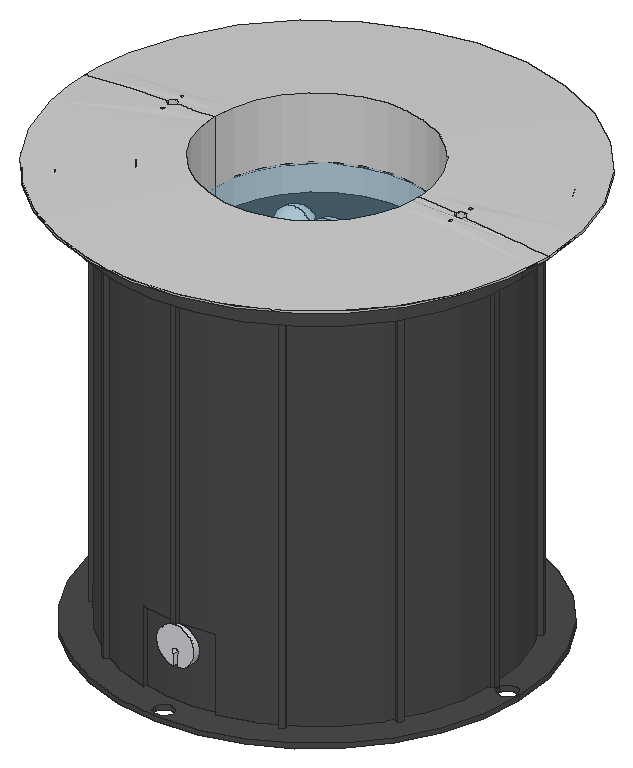
Revit family "DIRIGIBLE 18W_LKBD1259WW.30", category Luminarias, Revit 2019
Family settings
  Cota de conector redondo = Diámetro de uso
  Tipo de pieza = Normal
  Se basa en plano de trabajo = Sí
  Siempre vertical = No
  Corte con vacíos al cargar = No
  Origen de luz = Sí
  Compartido = No
  Punto de cálculo de habitación = No
Parameters (values of type "EMP_LKBD1259WW.30")
  Ángulo de inclinación = 100.00°
  Zone [instance] = ""
  Watt per fixture = 18.2
  Wattage = 18.2 W
  built-in parameter 1150107 = 3000 (stored number, unit not read)
  built-in parameter 1150110 = 1 (stored number, unit not read)
  built-in parameter 1150109 = 1 (stored number, unit not read)
  built-in parameter 1150112 = 1 (stored number, unit not read)
  built-in parameter 1150113 = 1 (stored number, unit not read)
  built-in parameter 1114218 = 1 (stored number, unit not read)
  Keynote = ""
  built-in parameter 1150142 = "IESNA:LM-63-1995\r\n[TEST] \r\n[DATE] 2016-3-11\r\n[MANUFAC] BRILLIANT\r\n[LUMCAT] LKBD1259WW 30º\r\n[LUMINAIRE] \r\n[LAMPCAT] DIRIGIBLE 14W\r\n[LAMP] \r\nTILT=NONE\r\n0 -1 1.0 19 9 1 2 0.000 0.000 0.000\r\n1 1 17.8\r\n0.0 5.0 10.0 15.0 20.0 25.0 30.0 35.0 40.0 45.0 50.0 55.0 60.0 65.0 70.0 75.0 80.0 85.0 90.0\r\n0.0 45.0 90.0 135.0 180.0 225.0 270.0 315.0 360.0 \r\n4278.598 3975.028 2895.668 1804.555 1063.721 573.614 276.484 139.417 72.162 39.965 21.362 11.652 5.213 2.146 1.022 0.920 0.715 0.613 0.102\r\n4003.647 4259.178 3444.548 2354.967 1404.394 774.768 386.157 189.808 94.342 54.172 31.686 17.683 8.381 3.986 1.738 1.022 0.818 0.715 0.511\r\n4247.935 4363.434 3566.180 2005.810 1349.915 745.535 373.892 185.311 89.947 48.346 26.882 16.763 8.892 5.008 2.351 1.022 0.818 0.715 0.613\r\n4425.783 3672.480 2604.364 1647.250 1023.756 555.829 274.440 130.423 68.584 38.841 22.487 12.674 6.542 3.066 1.329 0.920 0.715 0.613 0.307\r\n4278.598 3683.724 2623.784 1748.849 1129.444 658.246 312.667 147.697 75.841 41.703 22.384 13.594 6.746 3.066 1.124 0.920 0.715 0.613 0.307\r\n4003.647 3045.920 2027.683 1430.663 873.913 448.098 199.722 96.693 53.457 30.153 17.376 9.097 4.293 1.738 1.022 0.818 0.715 0.511 0.102\r\n4247.935 3385.264 2369.276 1573.044 941.373 530.481 234.577 105.687 53.457 28.619 17.580 9.404 5.213 2.453 1.022 0.818 0.715 0.511 0.102\r\n4425.783 4189.674 3109.292 2085.127 1220.412 663.356 329.634 162.824 80.645 48.449 22.793 12.368 5.928 2.658 1.227 0.920 0.818 0.613 0.102\r\n4278.598 3975.028 2895.668 1804.555 1063.721 573.614 276.484 139.417 72.162 39.965 21.362 11.652 5.213 2.146 1.022 0.920 0.715 0.613 0.102\r\n"
  built-in parameter 1150137 = (empty or 0)
  built-in parameter 1150132 = (empty or 0)
  Modelo = "LKBD1259WW.30"
  Lámpara = "OSRAM"
  built-in parameter 1150105 = 110.52 (stored number, unit not read)
  built-in parameter 1150102 = (empty or 0)
  built-in parameter 1150106 = 1.1052 (stored number, unit not read)
  Lumens = 1388.84 lm
  Color Filter = 16777215
  built-in parameter 1114217 = 1 (stored number, unit not read)
  built-in parameter 1150139 = (empty or 0)
  Fabricante = "BRILLANT"
  Default Elevation = 0 mm
  built-in parameter 1150104 = 7.0894 (stored number, unit not read)
  Descripción = "LUMINARIA TIPO CIRCULAR PARA EMPOTRAR EN PISO CON CUERPO DE ALUMINIO FUNDIDO A PRESION CUBIERTO CON POLVO GRIS OSCURO, CON CUBIERTA DE ACERO INOXIDABLE Y VIDRIO TEMPLADO DE 10MM, HOUSING TIPO ABS DE 222MM DE DIAMETRO Y 220MM DE PROFUNDO. CUENTA CON 12 LED OSRAM CON UNA POTENCIA TOTAL DE 18.2W, A UNA TEMPERATURA EN BLANCO CALIDO CON 1389 LUMENES, 151mA EN CORRIENTE DE OPERACIÓN, IP67, IK10, IRC 80, DISPONIBLE PARA ATENUAR EN TRIAC (OPCIONAL), APERTURA EN 30 GRADOS DE STOCK, ALIMENTADA A 100-277V"
  built-in parameter 1150115 = 1 (stored number, unit not read)
  built-in parameter 1150114 = 1 (stored number, unit not read)
  Comentarios de vataje = "100-277V"
  built-in parameter 1150138 = (empty or 0)
  built-in parameter 1150134 = (empty or 0)
  Circuit [instance] = ""
  Dimming Lamp Color Temperature Shift = (empty or 0)
  Archivo de red fotométrica = "LKBD1259WW_30º.IES"
  built-in parameter 1150133 = 10 (stored number, unit not read)
Reference planes
  plane 1 "Centro (Frontal/Posterior)": y = 0
  plane 2: z = 0
  plane 3 "Centro (Izquierda/Derecha)": x = 0
  plane 4: z = -220
  plane 5: z = -128
  plane 6 "PEND": y = 20
  plane 7 "Centro I/E": y = -15
  plane 8: x = -77.5
  plane 9: x = 77.5
  plane 10: x = -105
  plane 11: x = 105
Forms (mm)
  Revolve 1, solid, material "Acero Inoxidable"
    sketch origin (0, 0, 0) x (1, 0, 0) y (0, 0, 1)
      loop
        arc (-55, 4.239) -> (-90.032, 2.649) -> (-125, 0) r 1158.001
        line (-125, 0) -> (-125, -0.88) -> (-76.5, -0.88) -> (-76.5, -172.34) -> (0, -172.34) -> (0, -45.88) -> (-55, -45.88) -> (-55, 4.239)
      axis (0, 4.239) -> (0, -172.34)
    angle from 0 to 360
  Extrusion 2, solid, material "Cristal"
    sketch origin (0, 0, 0) x (1, 0, 0) y (0, 1, 0)
      loop
        circle (0, 0) r 55
    from -29.749 to -28.966
  Extrusion 3, solid, material "Plastico"
    sketch origin (0, 0, 0) x (1, 0, 0) y (0, 1, 0)
      loop
        circle (0, 0) r 10
    from -178.507 to -176.391
  Extrusion 4, solid, material "Cobre"
    sketch origin (0, 0, 0) x (1, 0, 0) y (0, 1, 0)
      loop
        line (12.101, 0) -> (6.051, 10.48) -> (-6.051, 10.48) -> (-12.101, 0) -> (-6.051, -10.48) -> (6.051, -10.48) -> (12.101, 0)
    from -176.391 to -172.578
  Revolve 5, solid, material "Plastico"
    sketch origin (0, 0, 0) x (1, 0, 0) y (0, 0, 1)
      loop
        line (-111, -0.88) -> (-111, -15.267) -> (-94.359, -15.267) -> (-94.359, -217.5) -> (-109, -217.5) -> (-109, -220) -> (-59.637, -220) -> (0, -220) -> (0, -217.5) -> (-91.816, -217.5) -> (-91.816, -12.767) -> (-107.819, -12.767) -> (-107.819, -0.88) -> (-111, -0.88)
      axis (0, -0.88) -> (0, -220)
    angle from 0 to 360
  Extrusion 6, solid, material "Plastico"
    sketch origin (0, 0, 0) x (1, 0, 0) y (0, 1, 0)
      loop
        arc (-98.548, 9) -> (-99.073, 0) -> (-98.548, -9) r 77.503
        line (-98.548, -9) -> (-93.801, -9)
        arc (-93.801, -9) -> (-94.359, 0) -> (-93.801, 9) r 72.79
        line (-93.801, 9) -> (-98.548, 9)
      loop
        line (-9, 99.048) -> (-9, 93.801)
        arc (-9, 93.801) -> (0, 94.359) -> (9, 93.801) r 72.79
        line (9, 93.801) -> (9, 99.048)
        arc (9, 99.048) -> (0, 99.569) -> (-9, 99.048) r 78
      loop
        arc (98.548, -9) -> (99.073, 0) -> (98.548, 9) r 77.503
        line (98.548, 9) -> (93.801, 9)
        arc (93.801, 9) -> (94.359, 0) -> (93.801, -9) r 72.79
        line (93.801, -9) -> (98.548, -9)
      loop
        arc (-9, -101.185) -> (-0.01, -101.878) -> (9, -101.528) r 78
        line (9, -101.528) -> (9, -93.969)
        arc (9, -93.969) -> (-0.01, -94.359) -> (-9, -93.632) r 72.79
        line (-9, -93.632) -> (-9, -101.185)
    from -21.197 to -15.267
  Extrusion 7, void
    sketch origin (0, 0, 0) x (1, 0, 0) y (0, 0, 1)
      loop
        circle (0, -189.936) r 10
    from 91.333 to 95.074
  Extrusion 8, solid, material "Plastico"
    sketch origin (0, 0, 0) x (1, 0, 0) y (0, 0, 1)
      loop
        circle (0, -189.936) r 10
    from 56.286 to 60.059
  Extrusion 9, void
    sketch origin (0, 0, 0) x (1, 0, 0) y (0, 1, 0)
      loop
        circle (-77.5, 6.504) r 0.895
      loop
        circle (-77.5, 0) r 2.557
      loop
        circle (-77.5, -6.504) r 0.895
      loop
        circle (77.5, 6.504) r 0.895
      loop
        circle (77.5, 0) r 2.557
      loop
        circle (77.5, -6.504) r 0.895
    from -3.838 to 7.824
  Extrusion 10, solid, material "Plastico"
    sketch origin (0, 0, 0) x (1, 0, 0) y (0, 1, 0)
      loop
        circle (0, 0) r 55
    from -45.88 to -43.335
  Revolve 11, solid
    sketch origin (21.563, 20, -43.335) x (1, 0, 0) y (0, 0, 1)
      loop
        line (-31.083, 0) -> (-31.083, 5)
        arc (-31.083, 5) -> (-36.083, 3.66) -> (-39.744, 0) r 10
        line (-39.744, 0) -> (-31.083, 0)
      axis (-31.083, 5) -> (-31.083, 0)
    angle from 0 to 360
  Extrusion 12, solid, material "Plastico"
    sketch origin (0, 0, 0) x (1, 0, 0) y (0, 1, 0)
      loop
        line (-94.344, 1.342) -> (-96.717, 1.342) -> (-96.717, -1.342) -> (-94.344, -1.342)
        arc (-94.344, -1.342) -> (-94.359, 0) -> (-94.344, 1.342) r 59.642
      loop
        line (-80.984, 48.42) -> (-83.2, 49.699) -> (-84.543, 47.374) -> (-82.327, 46.094)
        arc (-82.327, 46.094) -> (-81.669, 47.265) -> (-80.984, 48.42) r 59.642
      loop
        line (-46.009, 82.376) -> (-47.181, 84.406) -> (-49.507, 83.063) -> (-48.335, 81.033)
        arc (-48.335, 81.033) -> (-47.18, 81.718) -> (-46.009, 82.376) r 59.642
      loop
        line (1.342, 94.344) -> (1.342, 96.688) -> (-1.342, 96.688) -> (-1.342, 94.344)
        arc (-1.342, 94.344) -> (0, 94.359) -> (1.342, 94.344) r 59.642
      loop
        arc (94.344, 1.342) -> (94.359, 0) -> (94.344, -1.342) r 59.642
        line (94.344, -1.342) -> (96.717, -1.342) -> (96.717, 1.342) -> (94.344, 1.342)
      loop
        arc (80.984, 48.42) -> (81.669, 47.265) -> (82.327, 46.094) r 59.642
        line (82.327, 46.094) -> (84.543, 47.374) -> (83.2, 49.699) -> (80.984, 48.42)
      loop
        arc (46.009, 82.376) -> (47.18, 81.718) -> (48.335, 81.033) r 59.642
        line (48.335, 81.033) -> (49.507, 83.063) -> (47.181, 84.406) -> (46.009, 82.376)
      loop
        arc (-80.984, -48.42) -> (-81.669, -47.265) -> (-82.327, -46.094) r 59.642
        line (-82.327, -46.094) -> (-84.543, -47.374) -> (-83.2, -49.699) -> (-80.984, -48.42)
      loop
        arc (-46.009, -82.376) -> (-47.18, -81.718) -> (-48.335, -81.033) r 59.642
        line (-48.335, -81.033) -> (-49.507, -83.063) -> (-47.181, -84.406) -> (-46.009, -82.376)
      loop
        arc (1.342, -94.344) -> (0, -94.359) -> (-1.342, -94.344) r 59.642
        line (-1.342, -94.344) -> (-1.342, -96.688) -> (1.342, -96.688) -> (1.342, -94.344)
      loop
        line (80.984, -48.42) -> (83.2, -49.699) -> (84.543, -47.374) -> (82.327, -46.094)
        arc (82.327, -46.094) -> (81.669, -47.265) -> (80.984, -48.42) r 59.642
      loop
        line (46.009, -82.376) -> (47.181, -84.406) -> (49.507, -83.063) -> (48.335, -81.033)
        arc (48.335, -81.033) -> (47.18, -81.718) -> (46.009, -82.376) r 59.642
    from -217.5 to -15.267
  Extrusion 13, void
    sketch origin (3.125, 0, 0) x (1, 0, 0) y (0, 1, 0)
      loop
        circle (99.693, 0) r 5
      loop
        circle (-105.943, 0) r 5
      loop
        circle (-3.125, 102.818) r 5
      loop
        circle (-3.125, -102.818) r 5
    from -220 to -217.5
  Extrusion 14, void
    sketch origin (0, -21.569, 0) x (1, 0, 0) y (0, 1, 0)
      loop
        line (-1.342, -72.775) -> (-1.342, -75.119) -> (1.342, -75.119) -> (1.342, -72.775) -> (-1.342, -72.775)
    from -217.5 to -178.507
  Extrusion 15, void
    sketch origin (0, 0, 0) x (1, 0, 0) y (0, 1, 0)
      loop
        arc (-19.48, -92.684) -> (-0.021, -95.491) -> (19.48, -92.988) r 72.79
        line (19.48, -92.988) -> (19.48, -90.158)
        arc (19.48, -90.158) -> (0, -92.813) -> (-19.48, -90.158) r 72.79
        line (-19.48, -90.158) -> (-19.48, -92.684)
    from -217.5 to -178.507
  Extrusion 16, solid
    sketch origin (0, 0, 0) x (1, 0, 0) y (0, 0, 1)
      loop
        arc (1, -199.886) -> (0, -179.936) -> (-1, -199.886) r 10
        line (-1, -199.886) -> (-1, -194.158)
        arc (-1, -194.158) -> (0, -190.986) -> (1, -194.158) r 1.743
        line (1, -194.158) -> (1, -199.886)
    from 90.014 to 95.074
  Revolve 17, solid
    sketch origin (-59.188, 20, -43.335) x (-1, 0, 0) y (0, 0, 1)
      loop
        line (-31.083, 0) -> (-31.083, 5)
        arc (-31.083, 5) -> (-36.083, 3.66) -> (-39.744, 0) r 10
        line (-39.744, 0) -> (-31.083, 0)
      axis (-31.083, 5) -> (-31.083, 0)
    angle from 0 to 360
  Revolve 18, solid
    sketch origin (-21.563, 20, -43.335) x (-1, 0, 0) y (0, 0, 1)
      loop
        line (-31.083, 0) -> (-31.083, 5)
        arc (-31.083, 5) -> (-36.083, 3.66) -> (-39.744, 0) r 10
        line (-39.744, 0) -> (-31.083, 0)
      axis (-31.083, 5) -> (-31.083, 0)
    angle from 0 to 360
  Revolve 19, solid
    sketch origin (59.188, 20, -43.335) x (1, 0, 0) y (0, 0, -1)
      loop
        line (-31.083, 0) -> (-39.744, 0)
        arc (-39.744, 0) -> (-36.083, -3.66) -> (-31.083, -5) r 10
        line (-31.083, -5) -> (-31.083, 0)
      axis (-31.083, -5) -> (-31.083, 0)
    angle from 0 to 360
  Revolve 20, solid
    sketch origin (21.563, 0, -43.335) x (1, 0, 0) y (0, 0, 1)
      loop
        line (-31.083, 0) -> (-31.083, 5)
        arc (-31.083, 5) -> (-36.083, 3.66) -> (-39.744, 0) r 10
        line (-39.744, 0) -> (-31.083, 0)
      axis (-31.083, 5) -> (-31.083, 0)
    angle from 0 to 360
  Revolve 21, solid
    sketch origin (-59.188, 0, -43.335) x (-1, 0, 0) y (0, 0, 1)
      loop
        line (-31.083, 0) -> (-31.083, 5)
        arc (-31.083, 5) -> (-36.083, 3.66) -> (-39.744, 0) r 10
        line (-39.744, 0) -> (-31.083, 0)
      axis (-31.083, 5) -> (-31.083, 0)
    angle from 0 to 360
  Revolve 22, solid
    sketch origin (-21.563, 0, -43.335) x (-1, 0, 0) y (0, 0, 1)
      loop
        line (-31.083, 0) -> (-31.083, 5)
        arc (-31.083, 5) -> (-36.083, 3.66) -> (-39.744, 0) r 10
        line (-39.744, 0) -> (-31.083, 0)
      axis (-31.083, 5) -> (-31.083, 0)
    angle from 0 to 360
  Revolve 23, solid
    sketch origin (59.188, 0, -43.335) x (1, 0, 0) y (0, 0, -1)
      loop
        line (-31.083, 0) -> (-39.744, 0)
        arc (-39.744, 0) -> (-36.083, -3.66) -> (-31.083, -5) r 10
        line (-31.083, -5) -> (-31.083, 0)
      axis (-31.083, -5) -> (-31.083, 0)
    angle from 0 to 360
  Revolve 24, solid
    sketch origin (21.563, -20, -43.335) x (1, 0, 0) y (0, 0, 1)
      loop
        line (-31.083, 0) -> (-31.083, 5)
        arc (-31.083, 5) -> (-36.083, 3.66) -> (-39.744, 0) r 10
        line (-39.744, 0) -> (-31.083, 0)
      axis (-31.083, 5) -> (-31.083, 0)
    angle from 0 to 360
  Revolve 25, solid
    sketch origin (-59.188, -20, -43.335) x (-1, 0, 0) y (0, 0, -1)
      loop
        line (-31.083, 0) -> (-39.744, 0)
        arc (-39.744, 0) -> (-36.083, -3.66) -> (-31.083, -5) r 10
        line (-31.083, -5) -> (-31.083, 0)
      axis (-31.083, -5) -> (-31.083, 0)
    angle from 0 to 360
  Revolve 26, solid
    sketch origin (-21.563, -20, -43.335) x (-1, 0, 0) y (0, 0, -1)
      loop
        line (-31.083, 0) -> (-39.744, 0)
        arc (-39.744, 0) -> (-36.083, -3.66) -> (-31.083, -5) r 10
        line (-31.083, -5) -> (-31.083, 0)
      axis (-31.083, -5) -> (-31.083, 0)
    angle from 0 to 360
  Revolve 27, solid
    sketch origin (59.188, -20, -43.335) x (1, 0, 0) y (0, 0, 1)
      loop
        line (-31.083, 0) -> (-31.083, 5)
        arc (-31.083, 5) -> (-36.083, 3.66) -> (-39.744, 0) r 10
        line (-39.744, 0) -> (-31.083, 0)
      axis (-31.083, 5) -> (-31.083, 0)
    angle from 0 to 360
Cuts and joins
  Extrusion 13, Extrusion 15 cuts Revolve 5
  Extrusion 9, Extrusion 13, Extrusion 14, Extrusion 15 cuts Revolve 1
  Extrusion 14 cuts Extrusion 12
Dimensions and locks
  plane 2 to plane 4 = 220 mm
  level to plane 4 = 220 mm
  level to Extrusion 3 = 178.507 mm
  plane 3 "Centro (Izquierda/Derecha)" to Revolve 5 sketch curve = 111 mm
  plane 3 "Centro (Izquierda/Derecha)" to Revolve 5 sketch curve = 109 mm
  Revolve 1 sketch curve to Revolve 1 sketch curve = 76.5 mm
  plane 11 to plane 10 = 210 mm
  plane 3 "Centro (Izquierda/Derecha)" to Revolve 1 sketch curve = 125 mm
  aligned and locked: level to plane 2
Connectors
  electrical at (0, -60.059, -189.936)
    settings: on Extrusion 8, index 1, voltage 277 V, apparent load 0 VA, apparent load phase1 0 VA, apparent load phase2 0 VA, apparent load phase3 0 VA, power factor 1, load classification "Otro", number of poles 1, system type 31, power factor state 1, is connector primary yes, connector utility no, sub classification motor no, connector description ""
